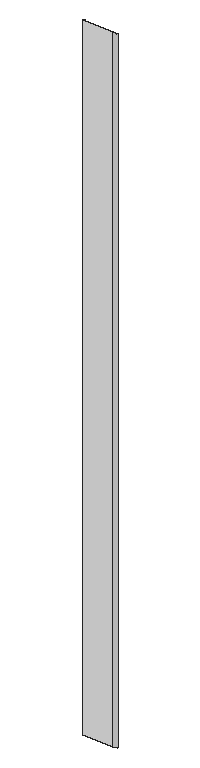
Revit family
Parameters (values of type "8 x 35mm")
  built-in parameter 1008623 [instance] = 32.47°
  Thickness = 8 mm
  built-in parameter 1008625 [instance] = (empty or 0)
  Post = no
  built-in parameter 1008624 [instance] = 32.47°
  Width = 35 mm
  Material Baluster = Metal - Steel
  built-in parameter 1008622 [instance] = 750 mm
Types (6, lengths in mm): name | Thickness | Width | Material Baluster
  (no name) | 8 | 35 | Metal - Steel
  20 x 50mm | 20 | 50 | none
  10 x 60mm | 10 | 60 | none
  6 x 45mm | 6 | 45 | none
  8 x 50mm | 8 | 50 | none
  8 x 35mm | 8 | 35 | Metal - Steel
Reference planes
  plane 1 "Center (Front/Back)": y = 0
  plane 2: z = 0
  plane 3 "Center (Left/Right)": x = 0
  plane 4 "Top": z = 750
  plane 5 "Top Angle Cut": through (0, 339.699, 533.838) normal (0, -0.5369, -0.8437)
  plane 6: z = 850
  plane 7: x = -35
  plane 8: x = 35
  plane 9: y = 8
  plane 10: y = -8
  plane 11 "Bottom Angle Cut": through (0, 0, 0) normal (0, -0.5369, -0.8437)
  plane 12: z = -100
Forms (mm)
  Extrusion 1, solid, material "Metal - Steel" <- "Material Baluster"
    sketch origin (0, 0, 0) x (1, 0, 0) y (0, 1, 0)
      loop
        line (-17.5, 4) -> (-17.5, -4) -> (17.5, -4) -> (17.5, 4) -> (-17.5, 4)
    from -100 to 850
  Extrusion 2, void
    sketch origin (0, 0, 0) x (0, 1, 0) y (0, 0, 1)
      loop
        line (-8, 850) -> (-8, 755.091) -> (8, 744.909) -> (8, 850) -> (-8, 850)
      loop
        line (-8, -100) -> (8, -100) -> (8, -5.091) -> (-8, 5.091) -> (-8, -100)
    from -35 to 35
Cuts and joins
  Extrusion 2 cuts Extrusion 1
Dimensions and locks
  "built-in parameter 1008622": plane 2 to plane 4 "Top"
  locked: plane 4 "Top" to plane 6 at 100
  equal spacing: Extrusion 1 sketch curve, plane 3 "Center (Left/Right)", Extrusion 1 sketch curve
  equal spacing: Extrusion 1 sketch curve, plane 1 "Center (Front/Back)", Extrusion 1 sketch curve
  "Width": Extrusion 1 sketch curve to Extrusion 1 sketch curve
  "Thickness": Extrusion 1 sketch curve to Extrusion 1 sketch curve
  "Width": plane 7 to plane 3 "Center (Left/Right)"
  "Width": plane 3 "Center (Left/Right)" to plane 8
  "Thickness": plane 10 to plane 1 "Center (Front/Back)"
  "Thickness": plane 1 "Center (Front/Back)" to plane 9
  locked: level to plane 12 at 100
  "built-in parameter 1008623": angle plane 4 "Top" to plane 5 "Top Angle Cut"
  "built-in parameter 1008624": angle level to plane 11 "Bottom Angle Cut"
  aligned and locked: Extrusion 1 to plane 6
  aligned and locked: Extrusion 2 to plane 7
  aligned and locked: plane 8 to Extrusion 2
  aligned and locked: plane 6 to Extrusion 2 sketch curve
  aligned and locked: plane 9 to Extrusion 2 sketch curve
  aligned and locked: plane 10 to Extrusion 2 sketch curve  (x2)
  aligned and locked: Extrusion 2 sketch curve to plane 5 "Top Angle Cut"
  aligned and locked: plane 12 to Extrusion 1
  aligned and locked: plane 12 to Extrusion 2 sketch curve
  aligned and locked: Extrusion 2 sketch curve to plane 9
  aligned and locked: Extrusion 2 sketch curve to plane 11 "Bottom Angle Cut"
